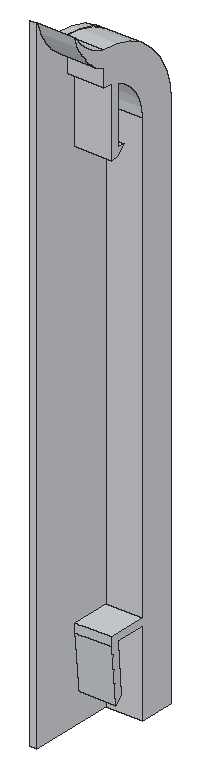
Revit family "HansWeitzel_2523", category Allgemeines Modell, Revit 2017
Family settings
  Basisbauteil = Wand
  Kann Basisbauteil für Bewehrung sein = Nein
  Bemaßung runder Anschluss = Durchmesser verwenden
  Teiletyp = Normal
  Immer vertikal = Ja
  Beim Laden mit Abzugskörper schneiden = Nein
  Gemeinsam genutzt = Nein
  Raumberechnungspunkt = Nein
Parameters
  max. Betriebstemperatur (°C) = 90
  Werkstoff = "Polystyrol"
  Wandmontage möglich = yes
  Typname = "HZ-Stoßverbinder BLF Alu"
  Tiefe (mm) = 30
  Profilart = "Anschlussprofi"
  Menge pro Verpackungseinheit = 10
  Ist Zubehör = no
  Ist System = no
  Höhe [mm] = 93
  Hersteller = "Hans Weitzel GmbH & Co. KG"
  HeinzeBIM = "https://www.heinze.de/bim/hz-stossverbinder-blf-alu/78fce8a6d7d4d676e64aa0f871d22c42e98ac92b"
  HAN = "2523"
  Gewicht unverpackt (netto) [kg] = 0.008
  GTIN = "4022023221411"
  Farbton = "metallfarben"
  Dekor = "Alu"
  Breite [mm] = 40
  Beschreibung = "HZ-Stoßverbinder BLF Alu Formteil an Sollbruchstelle einkürzen"
  BIMSITE_PRODUCT_ID = "78fce8a6d7d4d676e64aa0f871d22c42e98ac92b"
  BIM = "https://media.live.bim.site/t/eyJhbGciOiJIUzI1NiIsInR5cCI6IkpXVCJ9.eyJjdCI6MSwidGYiOiJwdWJsaWMvaGFucy13ZWl0emVsLWdtYmgtY28ta2cvMjI1MGEyZS9IWl9CTEZfU3Rvc3N2ZXJiaW5kZXJfQmxpbmRsLnJmYSIsImNpZCI6ImZlZDk4ZTlhLTFiZDgtNGM2OC1hNzNiLTc0YTk0ZTMxNTgyMyIsInJpZCI6IjEzNjA5Y2VjMTFlY2Y2YjcyNDlkZDFmMzliNzFkNmQxIiwicGlkIjoiNzhmY2U4YTZkN2Q0ZDY3NmU2NGFhMGY4NzFkMjJjNDJlOThhYzkyYiIsInNpZCI6IjYzNTU4IiwidXQiOjUsImxjIjoiZGUiLCJpYXQiOjE1ODAyMDcyNjUsImlzcyI6Imh0dHBzOi8vYXBpLmxpdmUuYmltLnNpdGUiLCJzdWIiOiJmNTg2YzRiNi1hNTA4LTQyN2EtOTgxOC0xMzE3OTY2NTc2YmMifQ.QvsPccX-IFdQYZ4r-BpRaWxG_xCU_XLwSMgaLjy72xk/HZ_BLF_Stossverbinder_Blindl.rfa"
Reference planes
  plane 1: y = 0
  plane 2 "Center (Left/Right)": x = 0
  plane 3 "Wall Edge": y = 76.2
Text (mm)
  text "Placement Side" at (0, 1019.848, 3124.603), in view "Right"
  text "Placement Side" at (-1787.662, 723.012, 0), in view "Ref. Level"
  text "Placement Side" at (0, 2073.289, 3571.227), in view "Left"
Dimensions and locks
  locked: plane 3 "Wall Edge" to host wall
  aligned and locked: plane 3 "Wall Edge" to nested 1
Nested families
  nested 1: "HZ_BLF_Stossverbinder_Blindl" at (1, 76.2, 0), type "HZ_BLF_Stossverbinder_Blindl"
Definition of nested family "HZ_BLF_Stossverbinder_Blindl"
  Reference planes
    plane 1 "Center (Front/Back)": y = 0
    plane 2: z = 0
    plane 3 "Center (Left/Right)": x = 0
  Forms (mm)
    Extrusion 1, solid
      sketch origin (0, 0, 0) x (0, 1, 0) y (0, 0, 1)
        loop
          arc (16, 72) -> (12.727, 79.83) -> (4.854, 82.999) r 11
          arc (4.854, 82.999) -> (2.091, 84.316) -> (0, 86.553) r 8.222
          arc (0, 86.553) -> (1.757, 83.087) -> (4.851, 80.736) r 8.67
          line (4.851, 80.736) -> (4.851, 78.472)
          arc (4.851, 78.472) -> (5.499, 78.442) -> (6.14, 78.346) r 6.5
          line (6.14, 78.346) -> (6.14, 69.232) -> (7.064, 69.232) -> (8.141, 70.371) -> (7.148, 70.371) -> (7.148, 78.059)
          arc (7.148, 78.059) -> (10.208, 75.675) -> (11.366, 71.972) r 6.5
          line (11.366, 71.972) -> (11.366, 12.318) -> (6.13, 12.318) -> (6.13, 11.14) -> (6.85, 3.802) -> (7.723, 4.72) -> (7.157, 11.4) -> (11.366, 11.4) -> (11.366, 0) -> (16, 0) -> (16, 72)
      from 0 to 5
    Extrusion 2, solid
      sketch origin (-1, 0, 0) x (0, 1, 0) y (0, 0, 1)
        loop
          line (16, 0) -> (16, 72)
          arc (16, 72) -> (12.727, 79.83) -> (4.854, 82.999) r 11
          arc (4.854, 82.999) -> (2.091, 84.316) -> (0, 86.553) r 8.222
          line (0, 86.553) -> (0, 0) -> (16, 0)
      from 0 to 1
  Dimensions and locks
    aligned and locked: plane 2 to level
